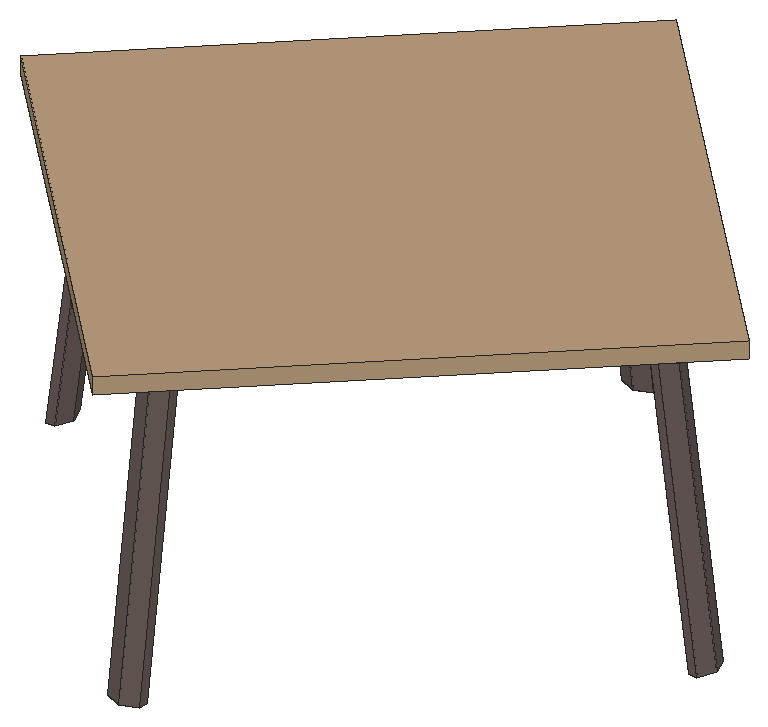
Revit family "Table-Teknion-CTTS_Square_Table-R2021", category Furniture, Revit 2021
Family settings
  OmniClass Number = 23.40.20.00
  OmniClass Title = General Furniture and Specialties
  Work Plane-Based = No
  Always vertical = Yes
  Cut with Voids When Loaded = No
  Shared = Yes
  Room Calculation Point = No
Parameters (values of type "Size 48")
  Warranty = "http://www.teknion.com/ca/papers/legal-canada"
  Unit Weight URL = "http://www.teknion.com/ca/tools/assets#&asset=bee6a381-b954-425e-8283-5a2de3a804f2,f828d448-4b62-4231-9e5f-9a8991c0ed77"
  URL = "www.teknion.com"
  Top Finish [instance] = Veneer-Teknion-LU-Natural_Veneer_V3-White_Oak_Flat_Cut
  To render please download texture images found here [instance] = "https://assets.teknion.com/web/5e81352c1dfdb467/revit-material-swatches/"
  Sustainability Data = "https://www.teknion.com/ca/tools/assets#&topic=216f99a5-57a0-44fc-b10a-9dee9b29ae4c&asset=444deb64-fe58-4b68-981e-f75e97781df7,b4ff2d81-9f2e-437d-9659-7cffb09c31cf"
  Size = 48.000"
  Series = "Chronicle"  # constant formula
  Product Page URL = "https://www.teknion.com/ca/products/product-details?productLineId=2302c16f-8e7a-673b-a6c8-ff05004460c4"
  Product Line = "Chronicle"  # constant formula
  Product Documentation Link = "https://www.teknion.com/pricing/chronicle/pdfs/Desks_ppg.pdf"
  Part Number = "CTTS"  # constant formula
  Model = "CTTS48"
  Manufacturer Phone = "416-661-3370"  # constant formula
  Manufacturer Fax = "416.661.4586"  # constant formula
  Manufacturer Contact Information = "http://www.teknion.com/ca/contactus"
  Manufacturer Address = "1150 Flint Road, Toronto, ON. M3J 2J5. Canada"  # constant formula
  Manufacturer = "Teknion"  # constant formula
  Length = sin(45.00°) * Size * 2  # 67.88225"
  Leg Connection To Surface [instance] = Paint-Teknion-20-T-Foundation-Atrium White
  How To Use Teknion Materials User Guide [instance] = "https://assets.teknion.com/m/205dd0a49fa58060/original/How-to-add-a-Material-Library-and-Texture-Images-to-your-Revit-project.pdf"
  For Additional Finishes please visit [instance] = "https://assets.teknion.com/m/44a8009b046e5d47/original/Teknion_Materials_Library.zip"
  Description = "Square Table, Size 48\""
  Default Elevation = 0.000"
  Assembly Code = "E2020200"
  Angled Leg Finish [instance] = Veneer-Teknion-WJ-Natural_Veneer_V3-Dark_Cherry
Types (4): name | Top Finish | Size | Model | Length | Leg Connection To Surface | Description | Angled Leg Finish
  (no name) | Veneer-Teknion-LU-Natural_Veneer_V3-White_Oak_Flat_Cut | 48.000" | "CTTS48" | 67.88225" | Paint-Teknion-20-T-Foundation-Atrium White | "Square Table, Size 48\"" | Veneer-Teknion-WJ-Natural_Veneer_V3-Dark_Cherry
  Size 48 | Veneer-Teknion-LU-Natural_Veneer_V3-White_Oak_Flat_Cut | 48.000" | "CTTS48" | 67.88225" | Paint-Teknion-20-T-Foundation-Atrium White | "Square Table, Size 48\"" | Veneer-Teknion-WJ-Natural_Veneer_V3-Dark_Cherry
  Size 42 | Veneer - Teknion - VF - Desert Fawn | 42.000" | "CTTS42" | 59.39697" | Paint - Teknion - Foundation - 26 - Soft Gris | "Square Table, Size 42\"" | Paint-Mica-Teknion-60-Satin_Platinum
  Size 36 | Veneer-Teknion-WW-Natural_Veneer_V3-Windsor_Cherry | 36.000" | "CTTS36" | 50.91169" | Paint-Teknion-20-T-Foundation-Atrium White | "Square Table, Size 36\"" | Veneer-Teknion-WJ-Natural_Veneer_V3-Dark_Cherry
Reference planes (in)
  plane 1 "Center Front/Back": y = 0.09991
  plane 2: z = 0
  plane 3 "Center Left/Right": x = -0.39276
  plane 4 "Left": x = -34.33389
  plane 5 "Right": x = 33.54836
  plane 6 "Back": y = 34.04104
  plane 7 "Front": y = -33.84121
  plane 8 "Top": z = 29
  plane 9: through (-0.39276, 34.04104, 48) normal (0.7071, -0.7071, 0)
  plane 10: through (33.54836, 0.09991, 48) normal (-0.7071, -0.7071, 0)
  plane 11: through (-34.33389, 0.09991, 48) normal (0.7071, 0.7071, 0)
  plane 12: through (-0.39276, -33.84121, 48) normal (-0.7071, 0.7071, 0)
  plane 13: through (33.54836, 34.04104, 48) normal (0.7071, -0.7071, 0)
  plane 14: through (-34.33389, 34.04104, 48) normal (0.7071, 0.7071, 0)
Forms (in)
  Sweep 1, solid, material "Veneer-Teknion-LU-Natural_Veneer_V3-White_Oak_Flat_Cut" <- "Top Finish"
    path origin (0, 0.09991, 0) x (1, 0, 0) y (0, 0, 1)
      loop
        line (-0.39276, 29) -> (-0.39276, 27.5)
    profile origin (-0.39276, 0.09991, 28.25) x (0, -1, 0) y (1, 0, 0)
      loop
        line (-33.94113, 0) -> (0, -33.94113) -> (33.94113, 0) -> (0, 33.94113) -> (-33.94113, 0)
  Sweep 2, solid, material "Paint-Teknion-20-T-Foundation-Atrium White" <- "Leg Connection To Surface"
    path origin (0, 0.09991, 0) x (1, 0, 0) y (0, 0, 1)
      loop
        line (-0.39276, 27.5) -> (-0.39276, 27.0626)
    profile origin (-0.39276, 0.09991, 27.2813) x (0, -1, 0) y (1, 0, 0)
      loop
        line (-29.8853, 2.88778) -> (-29.8853, -2.88778)
        arc (-29.8853, -2.88778) -> (-29.77921, -3.14391) -> (-29.52308, -3.25) r 0.36222
        line (-29.52308, -3.25) -> (-26.47078, -3.25)
        arc (-26.47078, -3.25) -> (-26.27022, -3.18941) -> (-26.13676, -3.02791) r 0.36223
        line (-26.13676, -3.02791) -> (-24.86418, 0) -> (-26.13676, 3.02791)
        arc (-26.13676, 3.02791) -> (-26.27022, 3.18941) -> (-26.47078, 3.25) r 0.36223
        line (-26.47078, 3.25) -> (-29.52308, 3.25)
        arc (-29.52308, 3.25) -> (-29.77921, 3.14391) -> (-29.8853, 2.88778) r 0.36222
      loop
        arc (29.8853, 2.88778) -> (29.77921, 3.14391) -> (29.52308, 3.25) r 0.36222
        line (29.52308, 3.25) -> (26.47078, 3.25)
        arc (26.47078, 3.25) -> (26.27022, 3.18941) -> (26.13676, 3.02791) r 0.36223
        line (26.13676, 3.02791) -> (24.86418, 0) -> (26.13676, -3.02791)
        arc (26.13676, -3.02791) -> (26.27022, -3.18941) -> (26.47078, -3.25) r 0.36223
        line (26.47078, -3.25) -> (29.52308, -3.25)
        arc (29.52308, -3.25) -> (29.77921, -3.14391) -> (29.8853, -2.88778) r 0.36222
        line (29.8853, -2.88778) -> (29.8853, 2.88778)
      loop
        arc (-2.88778, 29.8853) -> (-3.14391, 29.77921) -> (-3.25, 29.52308) r 0.36222
        line (-3.25, 29.52308) -> (-3.25, 26.47078)
        arc (-3.25, 26.47078) -> (-3.18941, 26.27022) -> (-3.02791, 26.13676) r 0.36223
        line (-3.02791, 26.13676) -> (0, 24.86418) -> (3.02791, 26.13676)
        arc (3.02791, 26.13676) -> (3.18941, 26.27022) -> (3.25, 26.47078) r 0.36223
        line (3.25, 26.47078) -> (3.25, 29.52308)
        arc (3.25, 29.52308) -> (3.14391, 29.77921) -> (2.88778, 29.8853) r 0.36222
        line (2.88778, 29.8853) -> (-2.88778, 29.8853)
      loop
        line (-2.88778, -29.8853) -> (2.88778, -29.8853)
        arc (2.88778, -29.8853) -> (3.14391, -29.77921) -> (3.25, -29.52308) r 0.36222
        line (3.25, -29.52308) -> (3.25, -26.47078)
        arc (3.25, -26.47078) -> (3.18941, -26.27022) -> (3.02791, -26.13676) r 0.36223
        line (3.02791, -26.13676) -> (0, -24.86418) -> (-3.02791, -26.13676)
        arc (-3.02791, -26.13676) -> (-3.18941, -26.27022) -> (-3.25, -26.47078) r 0.36223
        line (-3.25, -26.47078) -> (-3.25, -29.52308)
        arc (-3.25, -29.52308) -> (-3.14391, -29.77921) -> (-2.88778, -29.8853) r 0.36222
  Sweep 3, solid, material "Veneer-Teknion-WJ-Natural_Veneer_V3-Dark_Cherry" <- "Angled Leg Finish"
    path origin (0, 0.09991, 0) x (1, 0, 0) y (0, 0, 1)
      loop
        line (-27.75276, 25.89081) -> (-31.35072, 0.29)
    profile origin (-29.55174, 0.09991, 13.09041) x (0.990268, 0, -0.139173) y (0, -1, 0)
      loop
        line (2, 0) -> (1.375, 1.5) -> (0.625, 1.5) -> (0, 0) -> (0.625, -1.5) -> (1.375, -1.5) -> (2, 0)
  Sweep 4, solid, material "Veneer-Teknion-WJ-Natural_Veneer_V3-Dark_Cherry" <- "Angled Leg Finish"
    path origin (0, 0.09991, 0) x (1, 0, 0) y (0, 0, 1)
      loop
        line (26.96723, 25.89081) -> (30.56519, 0.29)
    profile origin (28.76621, 0.09991, 13.09041) x (0.990268, 0, 0.139173) y (0, -1, 0)
      loop
        line (-1.375, 1.5) -> (-2, 0) -> (-1.375, -1.5) -> (-0.625, -1.5) -> (0, 0) -> (-0.625, 1.5) -> (-1.375, 1.5)
  Sweep 5, solid, material "Veneer-Teknion-WJ-Natural_Veneer_V3-Dark_Cherry" <- "Angled Leg Finish"
    path origin (-0.39276, 0, 0) x (0, 1, 0) y (0, 0, 1)
      loop
        line (27.45991, 25.89081) -> (31.05787, 0.29)
    profile origin (-0.39276, 29.25889, 13.09041) x (0, 0.990268, 0.139173) y (1, 0, 0)
      loop
        line (-2, 0) -> (-1.375, -1.5) -> (-0.625, -1.5) -> (0, 0) -> (-0.625, 1.5) -> (-1.375, 1.5) -> (-2, 0)
  Sweep 6, solid, material "Veneer-Teknion-WJ-Natural_Veneer_V3-Dark_Cherry" <- "Angled Leg Finish"
    path origin (-0.39276, 0, 0) x (0, 1, 0) y (0, 0, 1)
      loop
        line (-27.26008, 25.89081) -> (-30.85804, 0.29)
    profile origin (-0.39276, -29.05906, 13.09041) x (0, 0.990268, -0.139173) y (1, 0, 0)
      loop
        line (0, 0) -> (0.625, -1.5) -> (1.375, -1.5) -> (2, 0) -> (1.375, 1.5) -> (0.625, 1.5) -> (0, 0)
  SweptBlend 7, solid, material "Paint-Teknion-20-T-Foundation-Atrium White" <- "Leg Connection To Surface"
    path origin (0, 0.09991, 0) x (1, 0, 0) y (0, 0, 1)
      loop
        line (-0.39276, 27.0626) -> (-0.39276, 25.61247)
    profile origin (-0.39276, 0.09991, 27.0626) x (0, -1, 0) y (1, 0, 0)
      loop
        line (26.82411, 1.56472) -> (25.64779, 1.5733) -> (24.98359, 0) -> (25.64779, -1.5733) -> (26.82411, -1.56472) -> (27.46184, 0) -> (26.82411, 1.56472)
    end profile origin (-0.39276, 0.09991, 25.61247) x (0, -1, 0) y (1, 0, 0)
      loop
        line (25.37946, 0) -> (25.99838, -1.5) -> (26.74108, -1.5) -> (27.36, 0) -> (26.74108, 1.5) -> (25.99838, 1.5) -> (25.37946, 0)
  SweptBlend 8, solid, material "Paint-Teknion-20-T-Foundation-Atrium White" <- "Leg Connection To Surface"
    path origin (0, 0.09991, 0) x (1, 0, 0) y (0, 0, 1)
      loop
        line (-0.39276, 27.0626) -> (-0.39276, 25.61247)
    profile origin (-0.39276, 0.09991, 27.0626) x (0, -1, 0) y (1, 0, 0)
      loop
        line (-1.56472, 26.82411) -> (-1.5733, 25.64779) -> (0, 24.98359) -> (1.5733, 25.64779) -> (1.56472, 26.82411) -> (0, 27.46184) -> (-1.56472, 26.82411)
    end profile origin (-0.39276, 0.09991, 25.61247) x (0, -1, 0) y (1, 0, 0)
      loop
        line (-1.5, 25.99838) -> (0, 25.37946) -> (1.5, 25.99838) -> (1.5, 26.74108) -> (0, 27.36) -> (-1.5, 26.74108) -> (-1.5, 25.99838)
  SweptBlend 9, solid, material "Paint-Teknion-20-T-Foundation-Atrium White" <- "Leg Connection To Surface"
    path origin (0, 0.09991, 0) x (1, 0, 0) y (0, 0, 1)
      loop
        line (-0.39276, 27.0626) -> (-0.39276, 25.61247)
    profile origin (-0.39276, 0.09991, 27.0626) x (0, -1, 0) y (1, 0, 0)
      loop
        line (-26.82411, -1.56472) -> (-25.64779, -1.5733) -> (-24.98359, 0) -> (-25.64779, 1.5733) -> (-26.82411, 1.56472) -> (-27.46184, 0) -> (-26.82411, -1.56472)
    end profile origin (-0.39276, 0.09991, 25.61247) x (0, -1, 0) y (1, 0, 0)
      loop
        line (-26.74108, -1.5) -> (-25.99838, -1.5) -> (-25.37946, 0) -> (-25.99838, 1.5) -> (-26.74108, 1.5) -> (-27.36, 0) -> (-26.74108, -1.5)
  SweptBlend 10, solid, material "Paint-Teknion-20-T-Foundation-Atrium White" <- "Leg Connection To Surface"
    path origin (0, 0.09991, 0) x (1, 0, 0) y (0, 0, 1)
      loop
        line (-0.39276, 27.0626) -> (-0.39276, 25.61247)
    profile origin (-0.39276, 0.09991, 27.0626) x (0, -1, 0) y (1, 0, 0)
      loop
        line (-1.5733, -25.64779) -> (-1.56472, -26.82411) -> (0, -27.46184) -> (1.56472, -26.82411) -> (1.5733, -25.64779) -> (0, -24.98359) -> (-1.5733, -25.64779)
    end profile origin (-0.39276, 0.09991, 25.61247) x (0, -1, 0) y (1, 0, 0)
      loop
        line (-1.5, -25.99838) -> (-1.5, -26.74108) -> (0, -27.36) -> (1.5, -26.74108) -> (1.5, -25.99838) -> (0, -25.37946) -> (-1.5, -25.99838)
  Sweep 11, void
    path origin (0, 0.09991, 0) x (1, 0, 0) y (0, 0, 1)
      loop
        line (-0.39276, 0.29) -> (-0.39276, 0)
    profile origin (-0.39276, 0.09991, 0.145) x (0, -1, 0) y (1, 0, 0)
      loop
        line (0, -33.94113) -> (33.94113, 0) -> (0, 33.94113) -> (-33.94113, 0) -> (0, -33.94113)
  Sweep 12, solid, material "Paint - Teknion - 52 - Ebony"
    path origin (0, 0.09991, 0) x (1, 0, 0) y (0, 0, 1)
      loop
        line (-0.39276, 0.29) -> (-0.39276, 0.1686)
    profile origin (-0.39276, 0.09991, 0.2293) x (0, -1, 0) y (1, 0, 0)
      loop
        circle (-29.94813, 0) r 0.12502
      loop
        circle (0, 29.94813) r 0.12502
      loop
        circle (29.94813, 0) r 0.12502
      loop
        circle (0, -29.94813) r 0.12502
  Sweep 13, solid, material "Paint - Teknion - 52 - Ebony"
    path origin (0, 0.09991, 0) x (1, 0, 0) y (0, 0, 1)
      loop
        line (-0.39276, 0.1686) -> (-0.39276, 0)
    profile origin (-0.39276, 0.09991, 0.0843) x (0, -1, 0) y (1, 0, 0)
      loop
        circle (-29.94813, 0) r 0.39953
      loop
        circle (0, 29.94813) r 0.39953
      loop
        circle (29.94813, 0) r 0.39953
      loop
        circle (0, -29.94813) r 0.39953
Cuts and joins
  joined: Sweep 2, SweptBlend 7, SweptBlend 8, SweptBlend 9, SweptBlend 10
  Sweep 11 cuts Sweep 6
  Sweep 11 cuts Sweep 3
  Sweep 11 cuts Sweep 4
  Sweep 11 cuts Sweep 5
Lines and regions (in)
  Masking region 1
    outline origin (0, 0, 0) x (1, 0, 0) y (0, 1, 0)
      loop
        line (-0.39276, 34.04104) -> (-34.33389, 0.09991) -> (-0.39276, -33.84121) -> (33.54836, 0.09991) -> (-0.39276, 34.04104)
  symbolic lines, style "FurnitureHiddenLines", detail levels medium+fine
    curve 1: line (2.49501, 29.98521, 0) -> (-3.28054, 29.98521, 0)
    curve 2: line (-3.64276, 29.62299, 0) -> (-3.64276, 26.57069, 0)
    curve 3: line (-3.42067, 26.23667, 0) -> (-0.39276, 24.9641, 0)
    curve 4: line (-0.39276, 24.9641, 0) -> (2.63514, 26.23667, 0)
    curve 5: line (2.85724, 26.57069, 0) -> (2.85724, 29.62299, 0)
    curve 6: arc (2.85724, 29.62299, 0) -> (2.75114, 29.87912, 0) -> (2.49501, 29.98521, 0) r 0.36222
    curve 7: arc (-3.28054, 29.98521, 0) -> (-3.53667, 29.87912, 0) -> (-3.64276, 29.62299, 0) r 0.36222
    curve 8: arc (-3.64276, 26.57069, 0) -> (-3.58217, 26.37013, 0) -> (-3.42067, 26.23667, 0) r 0.36223
    curve 9: arc (2.63514, 26.23667, 0) -> (2.79664, 26.37013, 0) -> (2.85724, 26.57069, 0) r 0.36223
    curve 10: line (-26.86354, 3.34991, 0) -> (-29.91584, 3.34991, 0)
    curve 11: line (-30.27806, 2.98769, 0) -> (-30.27806, -2.78786, 0)
    curve 12: line (-29.91584, -3.15009, 0) -> (-26.86354, -3.15009, 0)
    curve 13: line (-26.52952, -2.92799, 0) -> (-25.25695, 0.09991, 0)
    curve 14: line (-25.25695, 0.09991, 0) -> (-26.52952, 3.12782, 0)
    curve 15: arc (-26.52952, 3.12782, 0) -> (-26.66298, 3.28932, 0) -> (-26.86354, 3.34991, 0) r 0.36223
    curve 16: arc (-29.91584, 3.34991, 0) -> (-30.17197, 3.24382, 0) -> (-30.27806, 2.98769, 0) r 0.36222
    curve 17: arc (-30.27806, -2.78786, 0) -> (-30.17197, -3.04399, 0) -> (-29.91584, -3.15009, 0) r 0.36222
    curve 18: arc (-26.86354, -3.15009, 0) -> (-26.66298, -3.0895, 0) -> (-26.52952, -2.92799, 0) r 0.36223
    curve 19: line (-3.64276, -26.37087, 0) -> (-3.64276, -29.42316, 0)
    curve 20: line (-0.39276, -24.76427, 0) -> (-3.42067, -26.03684, 0)
    curve 21: line (2.63514, -26.03684, 0) -> (-0.39276, -24.76427, 0)
    curve 22: line (2.85724, -29.42316, 0) -> (2.85724, -26.37087, 0)
    curve 23: line (-3.28054, -29.78539, 0) -> (2.49501, -29.78539, 0)
    curve 24: arc (-3.42067, -26.03684, 0) -> (-3.58217, -26.17031, 0) -> (-3.64276, -26.37087, 0) r 0.36223
    curve 25: arc (2.85724, -26.37087, 0) -> (2.79664, -26.17031, 0) -> (2.63514, -26.03684, 0) r 0.36223
    curve 26: arc (-3.64276, -29.42316, 0) -> (-3.53667, -29.67929, 0) -> (-3.28054, -29.78539, 0) r 0.36222
    curve 27: arc (2.49501, -29.78539, 0) -> (2.75114, -29.67929, 0) -> (2.85724, -29.42316, 0) r 0.36222
    curve 28: line (24.47142, 0.09991, 0) -> (25.74399, -2.92799, 0)
    curve 29: line (25.74399, 3.12782, 0) -> (24.47142, 0.09991, 0)
    curve 30: line (29.13031, 3.34991, 0) -> (26.07801, 3.34991, 0)
    curve 31: line (29.49253, -2.78786, 0) -> (29.49253, 2.98769, 0)
    curve 32: line (26.07801, -3.15009, 0) -> (29.13031, -3.15009, 0)
    curve 33: arc (25.74399, -2.92799, 0) -> (25.87745, -3.0895, 0) -> (26.07801, -3.15009, 0) r 0.36223
    curve 34: arc (29.13031, -3.15009, 0) -> (29.38644, -3.04399, 0) -> (29.49253, -2.78786, 0) r 0.36222
    curve 35: arc (26.07801, 3.34991, 0) -> (25.87745, 3.28932, 0) -> (25.74399, 3.12782, 0) r 0.36223
    curve 36: arc (29.49253, 2.98769, 0) -> (29.38644, 3.24382, 0) -> (29.13031, 3.34991, 0) r 0.36222
    curve 37: line (-0.39276, 27.56176, 0) -> (-1.95749, 26.92402, 0)
    curve 38: line (1.17196, 26.92402, 0) -> (-0.39276, 27.56176, 0)
    curve 39: line (1.10724, 26.84099, 0) -> (-0.39276, 27.45991, 0)
    curve 40: line (-0.39276, 27.45991, 0) -> (-1.89276, 26.84099, 0)
    curve 41: line (-1.95749, 26.92402, 0) -> (-1.96607, 25.74771, 0)
    curve 42: line (-1.89276, 26.84099, 0) -> (-1.89276, 26.09829, 0)
    curve 43: line (-1.96607, 25.74771, 0) -> (-0.39276, 25.0835, 0)
    curve 44: line (-1.89276, 26.09829, 0) -> (-0.39276, 25.47937, 0)
    curve 45: line (-0.39276, 25.47937, 0) -> (1.10724, 26.09829, 0)
    curve 46: line (-0.39276, 25.0835, 0) -> (1.18054, 25.74771, 0)
    curve 47: line (1.10724, 26.09829, 0) -> (1.10724, 26.84099, 0)
    curve 48: line (1.18054, 25.74771, 0) -> (1.17196, 26.92402, 0)
    curve 49: line (-26.04056, 1.67321, 0) -> (-27.21687, 1.66463, 0)
    curve 50: line (-27.21687, 1.66463, 0) -> (-27.85461, 0.09991, 0)
    curve 51: line (-27.13384, 1.59991, 0) -> (-27.75276, 0.09991, 0)
    curve 52: line (-26.39114, 1.59991, 0) -> (-27.13384, 1.59991, 0)
    curve 53: line (-25.77222, 0.09991, 0) -> (-26.39114, 1.59991, 0)
    curve 54: line (-25.37635, 0.09991, 0) -> (-26.04056, 1.67321, 0)
    curve 55: line (-27.85461, 0.09991, 0) -> (-27.21687, -1.46481, 0)
    curve 56: line (-27.75276, 0.09991, 0) -> (-27.13384, -1.40009, 0)
    curve 57: line (-27.13384, -1.40009, 0) -> (-26.39114, -1.40009, 0)
    curve 58: line (-27.21687, -1.46481, 0) -> (-26.04056, -1.47339, 0)
    curve 59: line (-26.39114, -1.40009, 0) -> (-25.77222, 0.09991, 0)
    curve 60: line (-26.04056, -1.47339, 0) -> (-25.37635, 0.09991, 0)
    curve 61: line (-0.39276, -24.88368, 0) -> (-1.96607, -25.54788, 0)
    curve 62: line (1.18054, -25.54788, 0) -> (-0.39276, -24.88368, 0)
    curve 63: line (-0.39276, -25.27955, 0) -> (-1.89276, -25.89846, 0)
    curve 64: line (1.10724, -25.89846, 0) -> (-0.39276, -25.27955, 0)
    curve 65: line (-1.96607, -25.54788, 0) -> (-1.95749, -26.72419, 0)
    curve 66: line (-1.89276, -25.89846, 0) -> (-1.89276, -26.64117, 0)
    curve 67: line (-1.95749, -26.72419, 0) -> (-0.39276, -27.36193, 0)
    curve 68: line (-1.89276, -26.64117, 0) -> (-0.39276, -27.26008, 0)
    curve 69: line (-0.39276, -27.26008, 0) -> (1.10724, -26.64117, 0)
    curve 70: line (-0.39276, -27.36193, 0) -> (1.17196, -26.72419, 0)
    curve 71: line (1.10724, -26.64117, 0) -> (1.10724, -25.89846, 0)
    curve 72: line (1.17196, -26.72419, 0) -> (1.18054, -25.54788, 0)
    curve 73: line (24.59083, 0.09991, 0) -> (25.25503, -1.47339, 0)
    curve 74: line (25.25503, 1.67321, 0) -> (24.59083, 0.09991, 0)
    curve 75: line (26.43134, 1.66463, 0) -> (25.25503, 1.67321, 0)
    curve 76: line (25.60561, 1.59991, 0) -> (24.9867, 0.09991, 0)
    curve 77: line (24.9867, 0.09991, 0) -> (25.60561, -1.40009, 0)
    curve 78: line (25.60561, -1.40009, 0) -> (26.34831, -1.40009, 0)
    curve 79: line (25.25503, -1.47339, 0) -> (26.43134, -1.46481, 0)
    curve 80: line (26.34831, -1.40009, 0) -> (26.96723, 0.09991, 0)
    curve 81: line (26.43134, -1.46481, 0) -> (27.06908, 0.09991, 0)
    curve 82: line (26.96723, 0.09991, 0) -> (26.34831, 1.59991, 0)
    curve 83: line (27.06908, 0.09991, 0) -> (26.43134, 1.66463, 0)
    curve 84: line (25.60561, 1.59991, 0) -> (26.34831, 1.59991, 0)
    curve 85: line (-1.89276, 29.66936, 0) -> (-0.39276, 29.03821, 0)
    curve 86: line (-0.39276, 29.03821, 0) -> (1.10724, 29.66936, 0)
    curve 87: line (1.10724, 30.42673, 0) -> (-0.39276, 31.05787, 0)
    curve 88: line (-0.39276, 31.05787, 0) -> (-1.89276, 30.42673, 0)
    curve 89: line (-1.89276, 30.42673, 0) -> (-1.89276, 26.09829, 0)
    curve 90: line (-31.35072, 0.09991, 0) -> (-30.71958, -1.40009, 0)
    curve 91: line (-30.71958, 1.59991, 0) -> (-31.35072, 0.09991, 0)
    curve 92: line (-29.33106, 0.09991, 0) -> (-29.96221, 1.59991, 0)
    curve 93: line (-29.96221, -1.40009, 0) -> (-29.33106, 0.09991, 0)
    curve 94: line (-0.39276, -28.83839, 0) -> (-1.89276, -29.46953, 0)
    curve 95: line (1.10724, -29.46953, 0) -> (-0.39276, -28.83839, 0)
    curve 96: line (-1.89276, -30.2269, 0) -> (-0.39276, -30.85804, 0)
    curve 97: line (-0.39276, -30.85804, 0) -> (1.10724, -30.2269, 0)
    curve 98: line (29.17668, 1.59991, 0) -> (28.54554, 0.09991, 0)
    curve 99: line (28.54554, 0.09991, 0) -> (29.17668, -1.40009, 0)
    curve 100: line (29.93405, -1.40009, 0) -> (30.56519, 0.09991, 0)
    curve 101: line (30.56519, 0.09991, 0) -> (29.93405, 1.59991, 0)
    curve 102: line (29.93405, 1.59991, 0) -> (25.60561, 1.59991, 0)
    curve 119: line (1.10724, 26.09829, 0) -> (1.10724, 30.42673, 0)
    curve 120: line (-26.39114, 1.59991, 0) -> (-30.71958, 1.59991, 0)
    curve 121: line (-30.71958, -1.40009, 0) -> (-26.39114, -1.40009, 0)
    curve 122: line (-1.89276, -25.89846, 0) -> (-1.89276, -30.2269, 0)
    curve 123: line (1.10724, -30.2269, 0) -> (1.10724, -25.89846, 0)
    curve 124: line (25.60561, -1.40009, 0) -> (29.93405, -1.40009, 0)
  symbolic lines, style "FurnitureHiddenLines", detail levels fine
    curve 103: arc (-0.39276, 30.17306, 0) -> (-0.51778, 30.04804, 0) -> (-0.39276, 29.92302, 0) r 0.12502
    curve 104: arc (-0.39276, 29.92302, 0) -> (-0.26775, 30.04804, 0) -> (-0.39276, 30.17306, 0) r 0.12502
    curve 105: arc (-0.39276, 29.64851, 0) -> (0.00677, 30.04804, 0) -> (-0.39276, 30.44757, 0) r 0.39953
    curve 106: arc (-0.39276, 30.44757, 0) -> (-0.7923, 30.04804, 0) -> (-0.39276, 29.64851, 0) r 0.39953
    curve 107: arc (-30.34089, 0.49944, 0) -> (-30.74042, 0.09991, 0) -> (-30.34089, -0.29962, 0) r 0.39953
    curve 108: arc (-30.34089, 0.22493, 0) -> (-30.46591, 0.09991, 0) -> (-30.34089, -0.0251, 0) r 0.12502
    curve 109: arc (-30.34089, -0.0251, 0) -> (-30.21587, 0.09991, 0) -> (-30.34089, 0.22493, 0) r 0.12502
    curve 110: arc (-30.34089, -0.29962, 0) -> (-29.94136, 0.09991, 0) -> (-30.34089, 0.49944, 0) r 0.39953
    curve 111: arc (-0.39276, -30.24775, 0) -> (0.00677, -29.84822, 0) -> (-0.39276, -29.44868, 0) r 0.39953
    curve 112: arc (-0.39276, -29.44868, 0) -> (-0.7923, -29.84822, 0) -> (-0.39276, -30.24775, 0) r 0.39953
    curve 113: arc (-0.39276, -29.97323, 0) -> (-0.26775, -29.84822, 0) -> (-0.39276, -29.7232, 0) r 0.12502
    curve 114: arc (-0.39276, -29.7232, 0) -> (-0.51778, -29.84822, 0) -> (-0.39276, -29.97323, 0) r 0.12502
    curve 115: arc (29.55536, -0.0251, 0) -> (29.68038, 0.09991, 0) -> (29.55536, 0.22493, 0) r 0.12502
    curve 116: arc (29.55536, 0.22493, 0) -> (29.43035, 0.09991, 0) -> (29.55536, -0.0251, 0) r 0.12502
    curve 117: arc (29.55536, 0.49944, 0) -> (29.15583, 0.09991, 0) -> (29.55536, -0.29962, 0) r 0.39953
    curve 118: arc (29.55536, -0.29962, 0) -> (29.9549, 0.09991, 0) -> (29.55536, 0.49944, 0) r 0.39953
Dimensions and locks (in)
  "Length": plane 4 "Left" to plane 5 "Right"
  "Length": plane 6 "Back" to plane 7 "Front"
  locked: plane 8 "Top" to level at 29
  equal spacing: plane 6 "Back", plane 1 "Center Front/Back", plane 7 "Front"
  equal spacing: plane 4 "Left", plane 3 "Center Left/Right", plane 5 "Right"
  "Size": plane 12 to plane 9
  "Size": plane 11 to plane 10
  equal spacing: plane 12, plane 13, plane 9
  equal spacing: plane 11, plane 14, plane 10
  locked: Sweep 1 sketch curve to Sweep 1 sketch curve at 1.5
  locked: Sweep 2 sketch curve to Sweep 2 sketch curve at 0.4374
  Sweep 2 sketch curve to Sweep 2 sketch curve to plane 3 "Center Left/Right" to Sweep 2 sketch curve = 3.250" locked, 0.000" locked, 3.250" locked  (x2)
  plane 6 "Back" to Sweep 2 sketch curve to Sweep 2 sketch curve to Sweep 2 sketch curve to Sweep 2 sketch curve = 4.05583" locked, 3.41452" locked, 0.000" locked, 1.60659" locked
  Sweep 2 sketch curve to Sweep 2 sketch curve to Sweep 2 sketch curve to Sweep 2 sketch curve to plane 5 "Right" = 1.27257" locked, 0.000" locked, 3.74854" locked, 4.05583" locked
  Sweep 2 sketch curve to plane 1 "Center Front/Back" to Sweep 2 sketch curve to Sweep 2 sketch curve = 3.250" locked, 0.000" locked, 3.250" locked
  plane 7 "Front" to Sweep 2 sketch curve to Sweep 2 sketch curve to Sweep 2 sketch curve to Sweep 2 sketch curve = 4.05583" locked, 3.74854" locked, 0.000" locked, 1.27257" locked
  Sweep 2 sketch curve to Sweep 2 sketch curve to plane 1 "Center Front/Back" to Sweep 2 sketch curve = 3.250" locked, 0.000" locked, 3.250" locked
  plane 4 "Left" to Sweep 2 sketch curve to Sweep 2 sketch curve to Sweep 2 sketch curve to Sweep 2 sketch curve = 4.05583" locked, 3.74854" locked, 0.000" locked, 1.27257" locked
  Sweep 3 sketch curve to Sweep 3 sketch curve to plane 2 = 25.60081" locked, 0.290" locked
  Sweep 3 sketch curve to Sweep 3 sketch curve to plane 4 "Left" = 3.59796" locked, 2.98317" locked
  Sweep 3 sketch curve to plane 1 "Center Front/Back" to Sweep 3 sketch curve = 1.500" locked, 1.500" locked
  plane 4 "Left" to Sweep 3 sketch curve to Sweep 3 sketch curve to Sweep 3 sketch curve to Sweep 3 sketch curve to Sweep 3 sketch curve to Sweep 3 sketch curve = 4.78215" locked, 0.61892" locked, 0.000" locked, 0.7427" locked, 0.000" locked, 0.61892" locked
  Sweep 4 sketch curve to Sweep 4 sketch curve to plane 5 "Right" = 3.59796" locked, 2.98317" locked
  Sweep 4 sketch curve to Sweep 4 sketch curve to plane 2 = 25.60081" locked, 0.290" locked
  Sweep 4 sketch curve to plane 1 "Center Front/Back" to Sweep 4 sketch curve = 1.500" locked, 1.500" locked
  Sweep 4 sketch curve to Sweep 4 sketch curve to Sweep 4 sketch curve to Sweep 4 sketch curve to Sweep 4 sketch curve to Sweep 4 sketch curve to plane 5 "Right" = 0.61892" locked, 0.000" locked, 0.7427" locked, 0.000" locked, 0.61892" locked, 4.78215" locked
  Sweep 5 sketch curve to Sweep 5 sketch curve to plane 6 "Back" = 3.59796" locked, 2.98317" locked
  Sweep 5 sketch curve to Sweep 5 sketch curve to plane 2 = 25.60081" locked, 0.290" locked
  Sweep 5 sketch curve to profile plane to Sweep 5 sketch curve = 1.500" locked, 1.500" locked
  plane 6 "Back" to Sweep 5 sketch curve to Sweep 5 sketch curve to Sweep 5 sketch curve to Sweep 5 sketch curve to Sweep 5 sketch curve to Sweep 5 sketch curve = 4.78215" locked, 0.61892" locked, 0.000" locked, 0.7427" locked, 0.000" locked, 0.61892" locked
  Sweep 6 sketch curve to Sweep 6 sketch curve to plane 2 = 25.60081" locked, 0.290" locked
  plane 7 "Front" to Sweep 6 sketch curve to Sweep 6 sketch curve = 2.98317" locked, 3.59796" locked
  Sweep 6 sketch curve to plane 3 "Center Left/Right" to Sweep 6 sketch curve = 1.500" locked, 1.500" locked
  plane 7 "Front" to Sweep 6 sketch curve to Sweep 6 sketch curve to Sweep 6 sketch curve to Sweep 6 sketch curve to Sweep 6 sketch curve to Sweep 6 sketch curve = 4.78215" locked, 0.61892" locked, 0.000" locked, 0.7427" locked, 0.000" locked, 0.61892" locked
  SweptBlend 7 sketch curve to SweptBlend 7 sketch curve to plane 3 "Center Left/Right" to SweptBlend 7 sketch curve to SweptBlend 7 sketch curve = 0.00858" locked, 1.56472" locked, 1.56472" locked, 0.00858" locked
  plane 7 "Front" to SweptBlend 7 sketch curve to SweptBlend 7 sketch curve to SweptBlend 7 sketch curve to SweptBlend 7 sketch curve to SweptBlend 7 sketch curve to SweptBlend 7 sketch curve = 6.47928" locked, 0.63774" locked, 0.000" locked, 1.17631" locked, 0.000" locked, 0.6642" locked
  plane 7 "Front" to SweptBlend 7 sketch curve to SweptBlend 7 sketch curve to SweptBlend 7 sketch curve to SweptBlend 7 sketch curve to SweptBlend 7 sketch curve to SweptBlend 7 sketch curve = 6.58113" locked, 0.61892" locked, 0.000" locked, 0.7427" locked, 0.000" locked, 0.61892" locked
  locked: SweptBlend 8 sketch curve to SweptBlend 8 sketch curve at 1.45013
  SweptBlend 8 sketch curve to SweptBlend 8 sketch curve to plane 1 "Center Front/Back" to SweptBlend 8 sketch curve to SweptBlend 8 sketch curve = 0.00858" locked, 1.56472" locked, 1.56472" locked, 0.00858" locked
  SweptBlend 8 sketch curve to SweptBlend 8 sketch curve to SweptBlend 8 sketch curve to SweptBlend 8 sketch curve to SweptBlend 8 sketch curve to SweptBlend 8 sketch curve to plane 5 "Right" = 0.6642" locked, 0.000" locked, 1.17631" locked, 0.000" locked, 0.63774" locked, 6.47928" locked
  SweptBlend 8 sketch curve to SweptBlend 8 sketch curve to SweptBlend 8 sketch curve to SweptBlend 8 sketch curve to SweptBlend 8 sketch curve to SweptBlend 8 sketch curve to plane 5 "Right" = 0.61892" locked, 0.000" locked, 0.7427" locked, 0.000" locked, 0.61892" locked, 6.58113" locked
  SweptBlend 9 sketch curve to SweptBlend 9 sketch curve to plane 3 "Center Left/Right" to SweptBlend 9 sketch curve to SweptBlend 9 sketch curve = 0.00858" locked, 1.56472" locked, 1.56472" locked, 0.00858" locked
  plane 6 "Back" to SweptBlend 9 sketch curve to SweptBlend 9 sketch curve to SweptBlend 9 sketch curve to SweptBlend 9 sketch curve to SweptBlend 9 sketch curve to SweptBlend 9 sketch curve = 6.47928" locked, 0.63774" locked, 0.000" locked, 1.17631" locked, 0.000" locked, 0.6642" locked
  plane 6 "Back" to SweptBlend 9 sketch curve to SweptBlend 9 sketch curve to SweptBlend 9 sketch curve to SweptBlend 9 sketch curve to SweptBlend 9 sketch curve to SweptBlend 9 sketch curve = 6.58113" locked, 0.61892" locked, 0.000" locked, 0.7427" locked, 0.000" locked, 0.61892" locked
  SweptBlend 10 sketch curve to SweptBlend 10 sketch curve to plane 1 "Center Front/Back" to SweptBlend 10 sketch curve to SweptBlend 10 sketch curve = 0.00858" locked, 1.56472" locked, 1.56472" locked, 0.00858" locked
  plane 4 "Left" to SweptBlend 10 sketch curve to SweptBlend 10 sketch curve to SweptBlend 10 sketch curve to SweptBlend 10 sketch curve to SweptBlend 10 sketch curve to SweptBlend 10 sketch curve = 6.47928" locked, 0.63774" locked, 0.000" locked, 1.17631" locked, 0.000" locked, 0.6642" locked
  SweptBlend 10 sketch curve to SweptBlend 10 sketch curve to SweptBlend 10 sketch curve to SweptBlend 10 sketch curve to SweptBlend 10 sketch curve to SweptBlend 10 sketch curve to plane 4 "Left" = 0.61892" locked, 0.000" locked, 0.7427" locked, 0.000" locked, 0.61892" locked, 6.58113" locked
  locked: Sweep 11 sketch curve to Sweep 11 sketch curve at 0.29
  locked: Sweep 12 sketch curve to Sweep 12 sketch curve at 0.1214
  locked: plane 7 "Front" to Sweep 12 sketch curve at 3.993
  locked: plane 6 "Back" to Sweep 12 sketch curve at 3.993
  locked: Sweep 12 sketch curve to plane 5 "Right" at 3.993
  locked: plane 4 "Left" to Sweep 12 sketch curve at 3.993
  locked: plane 6 "Back" to Sweep 13 sketch curve at 3.993
  locked: plane 7 "Front" to Sweep 13 sketch curve at 3.993
  locked: Sweep 13 sketch curve to plane 5 "Right" at 3.993
  locked: plane 4 "Left" to Sweep 13 sketch curve at 3.993
  aligned and locked: level to plane 2
  aligned and locked: plane 8 "Top" to Sweep 1 sketch curve
  aligned and locked: Sweep 1 sketch curve to plane 3 "Center Left/Right"
  aligned and locked: plane 9 to Sweep 1 sketch curve
  aligned and locked: plane 10 to Sweep 1 sketch curve
  aligned and locked: plane 11 to Sweep 1 sketch curve
  aligned and locked: plane 12 to Sweep 1 sketch curve
  aligned and locked: Sweep 1 to Sweep 2 sketch curve
  aligned and locked: Sweep 2 sketch curve to plane 3 "Center Left/Right"
  aligned and locked: plane 1 "Center Front/Back" to Sweep 3 sketch curve  (x2)
  aligned and locked: plane 1 "Center Front/Back" to Sweep 4 sketch curve  (x2)
  aligned and locked: plane 3 "Center Left/Right" to Sweep 5 sketch curve  (x2)
  aligned and locked: plane 3 "Center Left/Right" to Sweep 6 sketch curve  (x2)
  aligned and locked: SweptBlend 7 sketch curve to Sweep 2  (x2)
  aligned and locked: Sweep 6 to SweptBlend 7 sketch curve
  aligned and locked: plane 3 "Center Left/Right" to SweptBlend 7 sketch curve  (x4)
  aligned and locked: SweptBlend 7 sketch curve to Sweep 6  (x2)
  aligned and locked: SweptBlend 8 sketch curve to cut or joined group of Sweep 2, SweptBlend 7, SweptBlend 8, SweptBlend 9, SweptBlend 10  (x2)
  aligned and locked: plane 1 "Center Front/Back" to SweptBlend 8 sketch curve  (x4)
  aligned and locked: SweptBlend 8 sketch curve to Sweep 4  (x2)
  aligned and locked: SweptBlend 9 sketch curve to cut or joined group of Sweep 2, SweptBlend 7, SweptBlend 8, SweptBlend 9, SweptBlend 10
  aligned and locked: plane 3 "Center Left/Right" to SweptBlend 9 sketch curve  (x4)
  aligned and locked: SweptBlend 9 sketch curve to Sweep 5  (x2)
  aligned and locked: SweptBlend 10 sketch curve to cut or joined group of Sweep 2, SweptBlend 7, SweptBlend 8, SweptBlend 9, SweptBlend 10
  aligned and locked: plane 1 "Center Front/Back" to SweptBlend 10 sketch curve  (x4)
  aligned and locked: SweptBlend 10 sketch curve to Sweep 3  (x2)
  aligned and locked: plane 2 to Sweep 11 sketch curve
  aligned and locked: Sweep 11 sketch curve to plane 3 "Center Left/Right"
  aligned and locked: Sweep 11 sketch curve to Sweep 1  (x4)
  aligned and locked: Sweep 12 sketch curve to plane 3 "Center Left/Right"
  aligned and locked: cut or joined group of Sweep 6, Sweep 11 to Sweep 12 sketch curve
  aligned and locked: plane 1 "Center Front/Back" to Sweep 12 sketch curve  (x2)
  aligned and locked: plane 3 "Center Left/Right" to Sweep 12 sketch curve  (x2)
  aligned and locked: plane 2 to Sweep 13 sketch curve
  aligned and locked: Sweep 12 to Sweep 13 sketch curve
  aligned and locked: Sweep 13 sketch curve to plane 3 "Center Left/Right"
  aligned and locked: plane 3 "Center Left/Right" to Sweep 13 sketch curve  (x2)
  aligned and locked: plane 1 "Center Front/Back" to Sweep 13 sketch curve  (x2)
  aligned and locked: Masking region 1 sketch curve to Sweep 1  (x4)
  aligned and locked: curve 3 to cut or joined group of Sweep 2, SweptBlend 7, SweptBlend 8, SweptBlend 9, SweptBlend 10
  aligned and locked: curve 4 to cut or joined group of Sweep 2, SweptBlend 7, SweptBlend 8, SweptBlend 9, SweptBlend 10
  aligned and locked: curve 5 to cut or joined group of Sweep 2, SweptBlend 7, SweptBlend 8, SweptBlend 9, SweptBlend 10
  aligned and locked: curve 6 to cut or joined group of Sweep 2, SweptBlend 7, SweptBlend 8, SweptBlend 9, SweptBlend 10
  aligned and locked: curve 7 to cut or joined group of Sweep 2, SweptBlend 7, SweptBlend 8, SweptBlend 9, SweptBlend 10
  aligned and locked: curve 10 to cut or joined group of Sweep 2, SweptBlend 7, SweptBlend 8, SweptBlend 9, SweptBlend 10
  aligned and locked: curve 11 to cut or joined group of Sweep 2, SweptBlend 7, SweptBlend 8, SweptBlend 9, SweptBlend 10
  aligned and locked: curve 12 to cut or joined group of Sweep 2, SweptBlend 7, SweptBlend 8, SweptBlend 9, SweptBlend 10
  aligned and locked: curve 13 to cut or joined group of Sweep 2, SweptBlend 7, SweptBlend 8, SweptBlend 9, SweptBlend 10
  aligned and locked: curve 14 to cut or joined group of Sweep 2, SweptBlend 7, SweptBlend 8, SweptBlend 9, SweptBlend 10
  aligned and locked: curve 19 to cut or joined group of Sweep 2, SweptBlend 7, SweptBlend 8, SweptBlend 9, SweptBlend 10
  aligned and locked: curve 20 to cut or joined group of Sweep 2, SweptBlend 7, SweptBlend 8, SweptBlend 9, SweptBlend 10
  aligned and locked: curve 21 to cut or joined group of Sweep 2, SweptBlend 7, SweptBlend 8, SweptBlend 9, SweptBlend 10
  aligned and locked: curve 22 to cut or joined group of Sweep 2, SweptBlend 7, SweptBlend 8, SweptBlend 9, SweptBlend 10
  aligned and locked: curve 23 to cut or joined group of Sweep 2, SweptBlend 7, SweptBlend 8, SweptBlend 9, SweptBlend 10
  aligned and locked: curve 28 to cut or joined group of Sweep 2, SweptBlend 7, SweptBlend 8, SweptBlend 9, SweptBlend 10
  aligned and locked: curve 29 to cut or joined group of Sweep 2, SweptBlend 7, SweptBlend 8, SweptBlend 9, SweptBlend 10
  aligned and locked: curve 30 to cut or joined group of Sweep 2, SweptBlend 7, SweptBlend 8, SweptBlend 9, SweptBlend 10
  aligned and locked: curve 31 to cut or joined group of Sweep 2, SweptBlend 7, SweptBlend 8, SweptBlend 9, SweptBlend 10
  aligned and locked: curve 32 to cut or joined group of Sweep 2, SweptBlend 7, SweptBlend 8, SweptBlend 9, SweptBlend 10
  aligned and locked: curve 37 to cut or joined group of Sweep 2, SweptBlend 7, SweptBlend 8, SweptBlend 9, SweptBlend 10
  aligned and locked: curve 38 to cut or joined group of Sweep 2, SweptBlend 7, SweptBlend 8, SweptBlend 9, SweptBlend 10
  aligned and locked: curve 39 to cut or joined group of Sweep 5, Sweep 11
  aligned and locked: curve 40 to cut or joined group of Sweep 5, Sweep 11
  aligned and locked: curve 41 to cut or joined group of Sweep 2, SweptBlend 7, SweptBlend 8, SweptBlend 9, SweptBlend 10
  aligned and locked: cut or joined group of Sweep 5, Sweep 11 to curve 42
  aligned and locked: curve 43 to cut or joined group of Sweep 2, SweptBlend 7, SweptBlend 8, SweptBlend 9, SweptBlend 10
  aligned and locked: curve 44 to cut or joined group of Sweep 5, Sweep 11
  aligned and locked: curve 45 to cut or joined group of Sweep 5, Sweep 11
  aligned and locked: curve 46 to cut or joined group of Sweep 2, SweptBlend 7, SweptBlend 8, SweptBlend 9, SweptBlend 10
  aligned and locked: curve 48 to cut or joined group of Sweep 2, SweptBlend 7, SweptBlend 8, SweptBlend 9, SweptBlend 10
  aligned and locked: curve 49 to cut or joined group of Sweep 2, SweptBlend 7, SweptBlend 8, SweptBlend 9, SweptBlend 10
  aligned and locked: curve 50 to cut or joined group of Sweep 2, SweptBlend 7, SweptBlend 8, SweptBlend 9, SweptBlend 10
  aligned and locked: curve 51 to cut or joined group of Sweep 3, Sweep 11
  aligned and locked: curve 52 to cut or joined group of Sweep 3, Sweep 11
  aligned and locked: curve 53 to cut or joined group of Sweep 3, Sweep 11
  aligned and locked: curve 54 to cut or joined group of Sweep 2, SweptBlend 7, SweptBlend 8, SweptBlend 9, SweptBlend 10
  aligned and locked: curve 55 to cut or joined group of Sweep 2, SweptBlend 7, SweptBlend 8, SweptBlend 9, SweptBlend 10
  aligned and locked: curve 56 to cut or joined group of Sweep 3, Sweep 11
  aligned and locked: cut or joined group of Sweep 3, Sweep 11 to curve 57
  aligned and locked: curve 58 to cut or joined group of Sweep 2, SweptBlend 7, SweptBlend 8, SweptBlend 9, SweptBlend 10
  aligned and locked: curve 59 to cut or joined group of Sweep 3, Sweep 11
  aligned and locked: curve 60 to cut or joined group of Sweep 2, SweptBlend 7, SweptBlend 8, SweptBlend 9, SweptBlend 10
  aligned and locked: curve 61 to cut or joined group of Sweep 2, SweptBlend 7, SweptBlend 8, SweptBlend 9, SweptBlend 10
  aligned and locked: curve 62 to cut or joined group of Sweep 2, SweptBlend 7, SweptBlend 8, SweptBlend 9, SweptBlend 10
  aligned and locked: curve 63 to cut or joined group of Sweep 6, Sweep 11
  aligned and locked: curve 64 to cut or joined group of Sweep 6, Sweep 11
  aligned and locked: curve 65 to cut or joined group of Sweep 2, SweptBlend 7, SweptBlend 8, SweptBlend 9, SweptBlend 10
  aligned and locked: curve 67 to cut or joined group of Sweep 2, SweptBlend 7, SweptBlend 8, SweptBlend 9, SweptBlend 10
  aligned and locked: curve 68 to cut or joined group of Sweep 6, Sweep 11
  aligned and locked: curve 69 to cut or joined group of Sweep 6, Sweep 11
  aligned and locked: curve 70 to cut or joined group of Sweep 2, SweptBlend 7, SweptBlend 8, SweptBlend 9, SweptBlend 10
  aligned and locked: cut or joined group of Sweep 6, Sweep 11 to curve 71
  aligned and locked: curve 72 to cut or joined group of Sweep 2, SweptBlend 7, SweptBlend 8, SweptBlend 9, SweptBlend 10
  aligned and locked: curve 73 to cut or joined group of Sweep 2, SweptBlend 7, SweptBlend 8, SweptBlend 9, SweptBlend 10
  aligned and locked: curve 74 to cut or joined group of Sweep 2, SweptBlend 7, SweptBlend 8, SweptBlend 9, SweptBlend 10
  aligned and locked: curve 75 to cut or joined group of Sweep 2, SweptBlend 7, SweptBlend 8, SweptBlend 9, SweptBlend 10
  aligned and locked: curve 76 to cut or joined group of Sweep 4, Sweep 11
  aligned and locked: curve 77 to cut or joined group of Sweep 4, Sweep 11
  aligned and locked: curve 78 to cut or joined group of Sweep 4, Sweep 11
  aligned and locked: curve 79 to cut or joined group of Sweep 2, SweptBlend 7, SweptBlend 8, SweptBlend 9, SweptBlend 10
  aligned and locked: curve 80 to cut or joined group of Sweep 4, Sweep 11
  aligned and locked: curve 81 to cut or joined group of Sweep 2, SweptBlend 7, SweptBlend 8, SweptBlend 9, SweptBlend 10
  aligned and locked: curve 82 to cut or joined group of Sweep 4, Sweep 11
  aligned and locked: curve 84 to cut or joined group of Sweep 2, SweptBlend 7, SweptBlend 8, SweptBlend 9, SweptBlend 10
  aligned and locked: curve 85 to cut or joined group of Sweep 5, Sweep 11
  aligned and locked: curve 86 to cut or joined group of Sweep 5, Sweep 11
  aligned and locked: curve 87 to cut or joined group of Sweep 5, Sweep 11
  aligned and locked: curve 88 to cut or joined group of Sweep 5, Sweep 11
  aligned and locked: curve 89 to cut or joined group of Sweep 5, Sweep 11
  aligned and locked: curve 90 to cut or joined group of Sweep 3, Sweep 11
  aligned and locked: curve 91 to cut or joined group of Sweep 3, Sweep 11
  aligned and locked: curve 92 to cut or joined group of Sweep 3, Sweep 11
  aligned and locked: curve 93 to cut or joined group of Sweep 3, Sweep 11
  aligned and locked: curve 94 to cut or joined group of Sweep 6, Sweep 11
  aligned and locked: curve 95 to cut or joined group of Sweep 6, Sweep 11
  aligned and locked: curve 96 to cut or joined group of Sweep 6, Sweep 11
  aligned and locked: curve 97 to cut or joined group of Sweep 6, Sweep 11
  aligned and locked: curve 98 to cut or joined group of Sweep 4, Sweep 11
  aligned and locked: curve 99 to cut or joined group of Sweep 4, Sweep 11
  aligned and locked: curve 100 to cut or joined group of Sweep 4, Sweep 11
  aligned and locked: curve 101 to cut or joined group of Sweep 4, Sweep 11
  aligned and locked: curve 102 to cut or joined group of Sweep 4, Sweep 11
  aligned and locked: curve 103 to Sweep 12
  aligned and locked: curve 104 to Sweep 12
  aligned and locked: curve 105 to Sweep 13
  aligned and locked: curve 106 to Sweep 13
  aligned and locked: curve 107 to Sweep 13
  aligned and locked: curve 108 to Sweep 12
  aligned and locked: curve 109 to Sweep 12
  aligned and locked: curve 110 to Sweep 13
  aligned and locked: curve 111 to Sweep 13
  aligned and locked: curve 112 to Sweep 13
  aligned and locked: curve 113 to Sweep 12
  aligned and locked: curve 114 to Sweep 12
  aligned and locked: curve 115 to Sweep 12
  aligned and locked: curve 116 to Sweep 12
  aligned and locked: curve 117 to Sweep 13
  aligned and locked: curve 118 to Sweep 13
  aligned and locked: plane 14 to nested 1
  aligned and locked: plane 13 to nested 1
  aligned and locked: curve 119 to cut or joined group of Sweep 5, Sweep 11
  aligned and locked: curve 121 to cut or joined group of Sweep 3, Sweep 11
  aligned and locked: curve 122 to cut or joined group of Sweep 6, Sweep 11
  aligned and locked: curve 123 to cut or joined group of Sweep 6, Sweep 11
Automatic sketch dimensions
  Sweep 2 sketch curve to plane 1 "Center Front/Back" = 2.88777"  (x2)
  Sweep 2 sketch curve to Sweep 2 sketch curve = 0.14013"  (x6)
  Sweep 2 sketch curve to Sweep 2 sketch curve = 0.36222"  (x6)
  Sweep 2 sketch curve to Sweep 2 sketch curve = 0.33402"  (x4)
  Sweep 2 sketch curve to Sweep 2 sketch curve = 3.0523"  (x2)
  plane 1 "Center Front/Back" to Sweep 2 sketch curve = 2.88777"  (x2)
  Sweep 2 sketch curve to Sweep 2 sketch curve = 0.22209"  (x2)
  Sweep 3 sketch curve to profile plane = 1.375"
  Sweep 3 sketch curve to profile plane = 0.625"  (x2)
  Sweep 3 sketch curve to Sweep 3 sketch curve = 0.625"
  Sweep 3 sketch curve to profile plane = 0.000"
  Sweep 3 sketch curve to Sweep 3 sketch curve = 0.750"
  profile plane to Sweep 4 sketch curve = 1.375"  (x2)
  Sweep 4 sketch curve to Sweep 4 sketch curve = 0.625"
  profile plane to Sweep 4 sketch curve = 0.625"  (x2)
  Sweep 4 sketch curve to profile plane = 0.000"
  profile plane to Sweep 5 sketch curve = 2.000"
  profile plane to Sweep 5 sketch curve = 1.375"  (x2)
  profile plane to Sweep 5 sketch curve = 0.625"  (x2)
  Sweep 5 sketch curve to profile plane = 0.000"
  Sweep 6 sketch curve to profile plane = 0.000"
  Sweep 6 sketch curve to profile plane = 0.625"  (x2)
  Sweep 6 sketch curve to Sweep 6 sketch curve = 0.750"  (x2)
  Sweep 6 sketch curve to Sweep 6 sketch curve = 0.625"
  SweptBlend 9 sketch curve to plane 8 "Top" = 3.38753"
  SweptBlend 9 sketch curve to SweptBlend 9 sketch curve = 1.45013"
  SweptBlend 10 sketch curve to plane 8 "Top" = 3.38753"
  SweptBlend 10 sketch curve to SweptBlend 10 sketch curve = 1.45013"
  curve 2 to curve 3 = 0.22209"
  curve 4 to curve 5 = 0.33402"
  curve 11 to curve 10 = 0.36222"
  curve 11 to curve 12 = 0.36222"
  plane 1 "Center Front/Back" to curve 13 = 3.02791"
  curve 14 to plane 1 "Center Front/Back" = 3.02791"
  curve 10 to curve 14 = 0.33402"
  curve 19 to curve 19 = 3.0523"
  curve 19 to curve 20 = 0.22209"
  curve 22 to curve 21 = 0.33402"
  curve 19 to curve 23 = 0.36222"
  plane 1 "Center Front/Back" to curve 28 = 3.02791"
  curve 29 to curve 30 = 0.33402"
  curve 31 to curve 30 = 0.36222"
  curve 28 to curve 32 = 0.33402"
  curve 8 to curve 37 = 1.32305"
  curve 9 to curve 38 = 0.35333"
  curve 55 to curve 18 = 0.35333"
  curve 21 to curve 62 = 0.48896"
  curve 74 to curve 35 = 0.48896"
  plane 1 "Center Front/Back" to curve 81 = 0.000"
  curve 82 to curve 75 = 0.08303"
  curve 95 to curve 27 = 0.04637"
  curve 34 to curve 99 = 0.04637"
  radius of Sweep 12 sketch curve = 0.12502"  (x4)
  radius of Sweep 13 sketch curve = 0.39953"  (x4)
Nested families (in)
  nested 1: "Teknion_2D_Node_Family-R2016" at (-0.39276, 0.09991, 0), type "Teknion_2D_Node_Family-R2016"
Definition of nested family "Teknion_2D_Node_Family-R2016"
  Reference planes (in)
    plane 1 "Center (Front/Back)": y = 0
    plane 2: z = 0
    plane 3 "Center (Left/Right)": x = 0
  Lines and regions (in)
    detail lines, in view "Ref. Level"
      curve 1: circle (0, 0, 0) r 1.25 normal (0, 0, 1)
      curve 2: line (1.91508, -1.91508, 0) -> (-1.91508, 1.91508, 0)
      curve 3: line (-1.91508, -1.91508, 0) -> (1.91508, 1.91508, 0)
